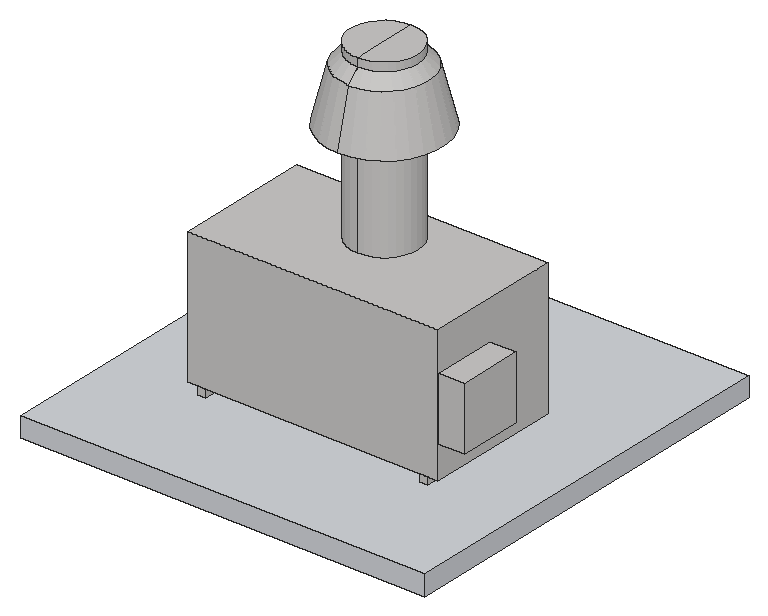
Revit family "DC_Rheem_PLM_Raypak_B1182ID", category Plumbing Fixtures, host Face, Revit 2017
Family settings
  Host = Face
  Round Connector Dimension = Use Radius
  Part Type = Normal
  Cut with Voids When Loaded = No
  Shared = No
  Room Calculation Point = No
Parameters (values of type "Raypak - Gas Water Heater- Indoor - 1186 MJ/h  Natural gas, modulating gas control")
  Width_ANZRS = 825 mm
  URL = "http://www.rheem.com.au/CommercialProducts"
  Type Comments = "Recovery 4558L/h @ 50°C rise\r\n"
  Materials_ANZRS = Raypak - Grey Powder Coated Steel
  PRV_ANZRS = 15 mm
  Model = "B1182NCM/ID\r\n"
  Manufacturer = "Raypak\r\n"
  HotWaterOutletRadius_ANZRS = 32.5 mm
  HotWaterOutletDiameter_ANZRS = HotWaterOutletRadius_ANZRS * 2  # 65 mm
  Height_ANZRS = 1915 mm
  GasInletRadius_ANZRS = 20 mm
  GasInletHeight_ANZRS = 410 mm
  GasInletDiameter_ANZRS = GasInletRadius_ANZRS * 2  # 40 mm
  DesignBy_ANZRS = "Design Content ©"
  Description = "Raypak - Gas Water Heater- Indoor - 1186 MJ/h  Natural gas, modulating gas control"
  Default Elevation = 0 mm
  ConnectionHeight_ANZRS = 755 mm
  ColdWaterInletRadius_ANZRS = 32.5 mm
  ColdWaterInletDiameter_ANZRS = ColdWaterInletRadius_ANZRS * 2  # 65 mm
  BoxHeight_ANZRS = 860 mm
  Author_ANZRS = "DM"
  Assembly Code = ""
Types (5, lengths in mm): name | URL | Type Comments | Model | HotWaterOutletRadius_ANZRS | HotWaterOutletDiameter_ANZRS | GasInletRadius_ANZRS | GasInletDiameter_ANZRS | Description
  (no name) | "http://www.rheem.com.au/downloads/PDF/Raypak_Mechanical_Heating_Brochure_July_09.pdf\r\n" | "Recovery 4128L/h @ 50°C rise\r\n" | "B1182PCO/ID\r\n" | 32.5 | 65 | 16 | 32 | "Raypak - Gas Water Heater- Indoor - 1090 MJ/h  Propane gas, On/Off gas control\r\n"
  Raypak - Gas Water Heater- Indoor - 1186 MJ/h  Natural gas, modulating gas control | "http://www.rheem.com.au/CommercialProducts" | "Recovery 4558L/h @ 50°C rise\r\n" | "B1182NCM/ID\r\n" | 32.5 | 65 | 20 | 40 | "Raypak - Gas Water Heater- Indoor - 1186 MJ/h  Natural gas, modulating gas control"
  Raypak - Gas Water Heater- Indoor - 1186 MJ/h  Natural gas, On/Off gas control | "http://www.rheem.com.au/CommercialProducts" | "Recovery 4558L/h @ 50°C rise\r\n" | "B1182NCO/ID\r\n" | 32.5 | 65 | 20 | 40 | "Raypak - Gas Water Heater- Indoor - 1186 MJ/h  Natural gas, On/Off gas control\r\n"
  Raypak - Gas Water Heater- Indoor - 1090 MJ/h  Propane gas, modulating gas control | "http://www.rheem.com.au/CommercialProducts" | "Recovery 4128L/h @ 50°C rise\r\n" | "B1182PCM/ID\r\n" | 32 | 64 | 10 | 20 | "Raypak - Gas Water Heater- Indoor - 1090 MJ/h  Propane gas, modulating gas control\r\n"
  Raypak - Gas Water Heater- Indoor - 1090 MJ/h  Propane gas, On/Off gas control | "http://www.rheem.com.au/CommercialProducts" | "Recovery 4128L/h @ 50°C rise\r\n" | "B1182PCO/ID\r\n" | 32.5 | 65 | 16 | 32 | "Raypak - Gas Water Heater- Indoor - 1090 MJ/h  Propane gas, On/Off gas control\r\n"
Reference planes
  plane 1 "Center (Front/Back)": y = 0
  plane 2: z = 0
  plane 3 "Center (Left/Right)": x = 0
  plane 4 "H1": z = 1915
  plane 5 "H5": z = 860
  plane 6 "CD 1": z = 755
  plane 7 "CD 6": z = 410
  plane 8 "W3": y = 285
  plane 9 "W4": y = -540
  plane 10 "CD 2": y = 200
  plane 11 "CD 3": y = 135
  plane 12 "CD 4": y = -145
  plane 13 "CD 5": y = -410
  plane 14 "W1": y = 202.5
  plane 15 "W2": y = -202.5
  plane 16: x = -755
  plane 17: x = 755
  plane 18: x = -805
  plane 19 "L1": x = -695
  plane 20 "L2": x = -645
  plane 21 "L3": x = 645
  plane 22 "L4": x = 695
  plane 23: z = 45
  plane 24 "H8": z = 245
  plane 25 "H7": z = 625
  plane 26: x = 915
  plane 27 "H4": z = 1464.364
  plane 28 "H3": z = 1794.164
  plane 29 "H2": z = 1866.464
  plane 30: y = -155
Forms (mm)
  Extrusion 1, solid
    sketch origin (0, 0, 0) x (1, 0, 0) y (0, 1, 0)
      loop
        line (-1219.2, 1219.2) -> (-1219.2, -1219.2) -> (1219.2, -1219.2) -> (1219.2, 1219.2) -> (-1219.2, 1219.2)
    from 0 to -120
  Extrusion 2, solid, material "Raypak - Grey Powder Coated Steel" <- "Materials_ANZRS"
    sketch origin (0, 0, 0) x (1, 0, 0) y (0, 1, 0)
      loop
        line (-755, 285) -> (-755, -540) -> (755, -540) -> (755, 285) -> (-755, 285)
    from 45 to 860
  Revolve 3, solid, material "Raypak - Grey Powder Coated Steel" <- "Materials_ANZRS"
    sketch origin (0, 0, 105) x (0, 1, 0) y (0, 0, 1)
      loop
        line (0, 1810) -> (-202.5, 1810) -> (-202.5, 1761.464) -> (-266.851, 1689.164) -> (-349.003, 1359.364) -> (-202.5, 1359.364) -> (-202.5, 755) -> (0, 755) -> (0, 1810)
      axis (0, 1810) -> (0, 755)
    angle from 0 to 360
  Extrusion 4, void
    sketch origin (0, 0, 0) x (0, 1, 0) y (0, 0, 1)
      loop
        circle (200, 755) r 15
      loop
        circle (135, 755) r 32.5
      loop
        circle (-145, 755) r 32.5
    from -755 to -740.149
  Extrusion 5, solid, material "Raypak - Grey Powder Coated Steel" <- "Materials_ANZRS"
    sketch origin (0, 0, 0) x (0, 1, 0) y (0, 0, 1)
      loop
        circle (-410, 410) r 20
    from -805 to -755
  Extrusion 6, solid, material "Raypak - Grey Powder Coated Steel" <- "Materials_ANZRS"
    sketch origin (0, 0, 0) x (1, 0, 0) y (0, 0, 1)
      loop
        line (-645, 0) -> (-645, 45) -> (-695, 45) -> (-695, 0) -> (-645, 0)
      loop
        line (695, 0) -> (695, 45) -> (645, 45) -> (645, 0) -> (695, 0)
    from -285 to 540
  Extrusion 7, solid, material "Raypak - Grey Powder Coated Steel" <- "Materials_ANZRS"
    sketch origin (0, 0, 0) x (1, 0, 0) y (0, 0, 1)
      loop
        line (755, 625) -> (755, 245) -> (915, 245) -> (915, 625) -> (755, 625)
    from 155 to 540
Cuts and joins
  Extrusion 4 cuts Extrusion 2
Lines and regions (mm)
  Masking region 1
    outline origin (0, 0, 0) x (1, 0, 0) y (0, 1, 0)
      loop
        line (-755, -540) -> (755, -540) -> (915, -540) -> (915, -155) -> (755, -155) -> (755, 285) -> (201.441, 285)
        arc (201.441, 285) -> (105.682, 332.618) -> (0, 349.003) r 349.003
        arc (0, 349.003) -> (-105.682, 332.618) -> (-201.441, 285) r 349.003
        line (-201.441, 285) -> (-755, 285) -> (-755, -540)
  Masking region 2
    outline origin (0, 0, 0) x (0, 1, 0) y (0, 0, 1)
      loop
        line (-202.5, 1915) -> (-202.5, 1866.464) -> (-266.851, 1794.164) -> (-349.079, 1464.364) -> (-202.5, 1464.364) -> (-202.5, 860) -> (-540, 860) -> (-540, 0) -> (285, 0) -> (285, 860) -> (202.5, 860) -> (202.5, 1464.364) -> (349.079, 1464.364) -> (266.851, 1794.164) -> (202.5, 1866.464) -> (202.5, 1915) -> (-202.5, 1915)
  Masking region 3
    outline origin (0, 0, 0) x (1, 0, 0) y (0, 0, 1)
      loop
        line (-202.5, 1915) -> (-202.5, 1866.464) -> (-266.851, 1794.164) -> (-349.079, 1464.364) -> (-202.039, 1464.364) -> (-202.039, 860) -> (-755, 860) -> (-755, 45) -> (-695, 45) -> (-695, 0) -> (-645, 0) -> (-645, 45) -> (645, 45) -> (645, 0) -> (695, 0) -> (695, 45) -> (755, 45) -> (755, 245) -> (915, 245) -> (915, 625) -> (755, 625) -> (755, 860) -> (204.539, 860) -> (204.539, 1464.364) -> (349.079, 1464.364) -> (266.851, 1794.164) -> (203.249, 1866.464) -> (203.249, 1915) -> (0, 1915) -> (-202.5, 1915)
  symbolic lines, style "Rheem Raypak", detail levels fine
    curve 1: line (0, 285, 0) -> (0, 285, 860)
    curve 2: line (0, 285, 860) -> (0, -540, 860)
    curve 3: line (0, -540, 860) -> (0, -540, 0)
    curve 4: line (0, -349.079, 1464.364) -> (0, 349.079, 1464.364)
    curve 5: line (0, -202.5, 1915) -> (0, 202.5, 1915)
    curve 6: line (0, 266.851, 1794.164) -> (0, -266.851, 1794.164)
    curve 7: line (0, 202.5, 1866.464) -> (0, -202.5, 1866.464)
    curve 8: arc (0, 102.5, 755) -> (0, 135, 722.5) -> (0, 167.5, 755) r 32.5
    curve 9: arc (0, 167.5, 755) -> (0, 135, 787.5) -> (0, 102.5, 755) r 32.5
    curve 10: arc (0, 185, 755) -> (0, 200, 740) -> (0, 215, 755) r 15
    curve 11: arc (0, 215, 755) -> (0, 200, 770) -> (0, 185, 755) r 15
    curve 12: arc (0, -177.5, 755) -> (0, -145, 722.5) -> (0, -112.5, 755) r 32.5
    curve 13: arc (0, -112.5, 755) -> (0, -145, 787.5) -> (0, -177.5, 755) r 32.5
    curve 14: arc (0, -390, 410) -> (0, -410, 390) -> (0, -430, 410) r 20
    curve 15: arc (0, -430, 410) -> (0, -410, 430) -> (0, -390, 410) r 20
    curve 16: line (0, 349.079, 1464.364) -> (0, 266.851, 1794.164)
    curve 17: line (0, -266.851, 1794.164) -> (0, -349.079, 1464.364)
    curve 18: line (0, 202.5, 1866.464) -> (0, 266.851, 1794.164)
    curve 19: line (0, -266.851, 1794.164) -> (0, -202.5, 1866.464)
    curve 20: line (0, -540, 45) -> (0, 285, 45)
    curve 21: line (0, -540, 0) -> (0, 285, 0)
    curve 22: line (-202.5, 0, 1915) -> (203.249, 0, 1915)
    curve 23: line (-202.5, 0, 1866.464) -> (203.249, 0, 1866.464)
    curve 24: line (-266.851, 0, 1794.164) -> (266.851, 0, 1794.164)
    curve 25: line (-349.079, 0, 1464.364) -> (349.079, 0, 1464.364)
    curve 26: line (755, 0, 860) -> (-755, 0, 860)
    curve 27: line (-755, 0, 45) -> (755, 0, 45)
    curve 28: line (645, 0, 0) -> (695, 0, 0)
    curve 29: line (-695, 0, 0) -> (-645, 0, 0)
    curve 30: line (915, 0, 625) -> (755, 0, 625)
    curve 31: line (755, 0, 245) -> (915, 0, 245)
    curve 32: line (915, 0, 245) -> (915, 0, 625)
    curve 33: line (204.539, 0, 1464.364) -> (204.539, 0, 860)
    curve 34: line (349.079, 0, 1464.364) -> (266.851, 0, 1794.164)
    curve 35: line (203.249, 0, 1915) -> (203.249, 0, 1866.464)
    curve 36: line (-202.5, 0, 1915) -> (-202.5, 0, 1866.464)
    curve 37: line (-349.079, 0, 1464.364) -> (-266.851, 0, 1794.164)
    curve 38: line (-202.039, 0, 1464.364) -> (-202.039, 0, 860)
    curve 39: line (-695, 0, 45) -> (-695, 0, 0)
    curve 40: line (-645, 0, 0) -> (-645, 0, 45)
    curve 41: line (695, 0, 0) -> (695, 0, 45)
    curve 42: line (645, 0, 45) -> (645, 0, 0)
    curve 43: line (-805, 0, 425) -> (-805, 0, 395)
    curve 44: line (-805, 0, 425) -> (-755, 0, 425)
    curve 45: line (-805, 0, 395) -> (-755, 0, 395)
    curve 46: arc (0, -349.003, 0) -> (349.003, 0, 0) -> (0, 349.003, 0) r 349.003
    curve 47: arc (0, 349.003, 0) -> (-349.003, 0, 0) -> (0, -349.003, 0) r 349.003
    curve 48: arc (0, -202.5, 0) -> (-202.5, 0, 0) -> (0, 202.5, 0) r 202.5
    curve 49: arc (0, -266.851, 0) -> (-266.851, 0, 0) -> (0, 266.851, 0) r 266.851
    curve 50: arc (0, 202.5, 0) -> (202.5, 0, 0) -> (0, -202.5, 0) r 202.5
    curve 51: arc (0, 266.851, 0) -> (266.851, 0, 0) -> (0, -266.851, 0) r 266.851
    curve 52: line (755, 285, 0) -> (201.441, 285, 0)
    curve 53: line (-755, 285, 0) -> (-755, -540, 0)
    curve 54: line (-755, -540, 0) -> (755, -540, 0)
    curve 55: line (755, -540, 0) -> (755, 285, 0)
    curve 56: line (915, -540, 0) -> (915, -155, 0)
    curve 57: line (915, -155, 0) -> (755, -155, 0)
    curve 58: line (755, -540, 0) -> (915, -540, 0)
    curve 59: line (-805, -395, 0) -> (-805, -425, 0)
    curve 60: line (-805, -395, 0) -> (-755, -395, 0)
    curve 61: line (-805, -425, 0) -> (-755, -425, 0)
    curve 62: line (0, 202.5, 1915) -> (0, 202.5, 1866.464)
    curve 63: line (0, -202.5, 1915) -> (0, -202.5, 1866.464)
    curve 64: line (0, 202.5, 1464.364) -> (0, 202.5, 860)
    curve 65: line (0, -202.5, 1464.364) -> (0, -202.5, 860)
    curve 66: line (-755, 0, 860) -> (-755, 0, 45)
    curve 67: line (755, 0, 45) -> (755, 0, 860)
    curve 68: line (-201.441, 285, 0) -> (-755, 285, 0)
  symbolic lines, style "Rheem Raypak"
    curve 69: line (-266.851, 0, 1794.164) -> (-202.5, 0, 1866.464)
    curve 70: line (203.249, 0, 1866.464) -> (266.851, 0, 1794.164)
Dimensions and locks
  "Height_ANZRS": plane 4 "H1" to level
  "BoxHeight_ANZRS": plane 5 "H5" to level
  "ConnectionHeight_ANZRS": plane 6 "CD 1" to Extrusion 1
  "GasInletHeight_ANZRS": plane 7 "CD 6" to level
  plane 8 "W3" to plane 9 "W4" = 825 mm
  plane 8 "W3" to plane 10 "CD 2" = 85 mm
  plane 8 "W3" to plane 11 "CD 3" = 150 mm
  plane 11 "CD 3" to plane 12 "CD 4" = 280 mm
  plane 13 "CD 5" to plane 9 "W4" = 130 mm
  plane 1 "Center (Front/Back)" to plane 9 "W4" = 540 mm
  locked: plane 18 to plane 16 at 50
  plane 19 "L1" to plane 16 = 60 mm
  locked: plane 20 "L2" to plane 19 "L1" at 50
  plane 17 to plane 22 "L4" = 60 mm
  locked: plane 22 "L4" to plane 21 "L3" at 50
  plane 23 to level = 45 mm
  plane 24 "H8" to level = 245 mm
  plane 25 "H7" to plane 24 "H8" = 380 mm
  locked: plane 17 to plane 26 at 160
  plane 4 "H1" to plane 29 "H2" to plane 28 "H3" to plane 27 "H4" = 48.536 mm locked, 72.3 mm locked, 329.8 mm locked
  equal spacing: plane 17, plane 3 "Center (Left/Right)", plane 16
  plane 17 to plane 16 = 1510 mm
  "GasInletRadius_ANZRS": radius of Extrusion 5 sketch curve
  "HotWaterOutletRadius_ANZRS": radius of Extrusion 4 sketch curve
  "ColdWaterInletRadius_ANZRS": radius of Extrusion 4 sketch curve
  "PRV_ANZRS": radius of Extrusion 4 sketch curve
  aligned and locked: plane 2 to Extrusion 1
  aligned and locked: level to Extrusion 1
  aligned and locked: plane 8 "W3" to Extrusion 2 sketch curve
  aligned and locked: plane 16 to Extrusion 2 sketch curve
  aligned and locked: plane 9 "W4" to Extrusion 2 sketch curve
  aligned and locked: plane 17 to Extrusion 2 sketch curve
  aligned and locked: plane 5 "H5" to Extrusion 2
  aligned and locked: Revolve 3 sketch curve to plane 1 "Center (Front/Back)"
  aligned and locked: plane 11 "CD 3" to Extrusion 4 sketch curve
  aligned and locked: plane 10 "CD 2" to Extrusion 4 sketch curve
  aligned and locked: plane 6 "CD 1" to Extrusion 4 sketch curve  (x3)
  aligned and locked: Extrusion 4 to plane 16
  aligned and locked: plane 7 "CD 6" to Extrusion 5 sketch curve
  aligned and locked: plane 13 "CD 5" to Extrusion 5 sketch curve
  aligned and locked: plane 16 to Extrusion 5
  aligned and locked: Extrusion 5 to plane 18
  aligned and locked: Extrusion 2 to plane 23
  aligned and locked: level to Extrusion 6 sketch curve  (x2)
  aligned and locked: Extrusion 6 sketch curve to plane 20 "L2"
  aligned and locked: Extrusion 6 sketch curve to plane 23  (x2)
  aligned and locked: plane 19 "L1" to Extrusion 6 sketch curve
  aligned and locked: Extrusion 6 sketch curve to plane 22 "L4"
  aligned and locked: plane 21 "L3" to Extrusion 6 sketch curve
  aligned and locked: Extrusion 6 to plane 8 "W3"
  aligned and locked: Extrusion 6 to plane 9 "W4"
  aligned and locked: Extrusion 7 sketch curve to plane 25 "H7"
  aligned and locked: Extrusion 7 sketch curve to plane 26
  aligned and locked: Extrusion 7 sketch curve to plane 24 "H8"
  aligned and locked: cut or joined group of Extrusion 2, Extrusion 4 to Extrusion 7 sketch curve
  aligned and locked: Extrusion 7 to plane 9 "W4"
  aligned and locked: plane 12 "CD 4" to Extrusion 4 sketch curve
  aligned and locked: Revolve 3 sketch curve to plane 4 "H1"
  aligned and locked: plane 5 "H5" to Revolve 3 sketch curve
  aligned and locked: plane 27 "H4" to Revolve 3 sketch curve
  aligned and locked: plane 29 "H2" to Revolve 3 sketch curve
  aligned and locked: curve 1 to cut or joined group of Extrusion 2, Extrusion 4
  aligned and locked: curve 2 to cut or joined group of Extrusion 2, Extrusion 4
  aligned and locked: curve 3 to cut or joined group of Extrusion 2, Extrusion 4
  aligned and locked: curve 4 to Revolve 3
  aligned and locked: Revolve 3 to curve 5
  aligned and locked: curve 6 to Revolve 3
  aligned and locked: Revolve 3 to curve 7
  aligned and locked: curve 8 to cut or joined group of Extrusion 2, Extrusion 4
  aligned and locked: curve 9 to cut or joined group of Extrusion 2, Extrusion 4
  aligned and locked: curve 10 to cut or joined group of Extrusion 2, Extrusion 4
  aligned and locked: curve 11 to cut or joined group of Extrusion 2, Extrusion 4
  aligned and locked: curve 12 to cut or joined group of Extrusion 2, Extrusion 4
  aligned and locked: curve 13 to cut or joined group of Extrusion 2, Extrusion 4
  aligned and locked: curve 14 to Extrusion 5
  aligned and locked: curve 15 to Extrusion 5
  aligned: Revolve 3 to curve 17
  aligned and locked: Revolve 3 to curve 19
  aligned and locked: curve 20 to cut or joined group of Extrusion 2, Extrusion 4
  aligned and locked: curve 21 to Extrusion 6
  aligned and locked: curve 22 to Revolve 3
  aligned and locked: curve 23 to plane 29 "H2"
  aligned and locked: curve 24 to plane 28 "H3"
  aligned and locked: curve 25 to Revolve 3
  aligned and locked: curve 26 to cut or joined group of Extrusion 2, Extrusion 4
  aligned and locked: curve 27 to cut or joined group of Extrusion 2, Extrusion 4
  aligned and locked: curve 28 to Extrusion 6
  aligned and locked: curve 29 to Extrusion 6
  aligned and locked: curve 30 to Extrusion 7
  aligned and locked: curve 31 to Extrusion 7
  aligned and locked: curve 32 to Extrusion 7
  aligned and locked: plane 5 "H5" to curve 38
  aligned and locked: plane 27 "H4" to curve 38
  aligned and locked: curve 39 to Extrusion 6
  aligned and locked: curve 40 to Extrusion 6
  aligned and locked: curve 41 to Extrusion 6
  aligned and locked: curve 42 to Extrusion 6
  aligned and locked: Extrusion 5 to curve 43
  aligned and locked: curve 46 to Revolve 3
  aligned and locked: curve 47 to Revolve 3
  aligned and locked: curve 48 to Revolve 3
  aligned and locked: curve 49 to Revolve 3
  aligned and locked: curve 50 to Revolve 3
  aligned and locked: curve 51 to Revolve 3
  aligned and locked: curve 52 to cut or joined group of Extrusion 2, Extrusion 4
  aligned and locked: curve 53 to cut or joined group of Extrusion 2, Extrusion 4
  aligned and locked: curve 54 to cut or joined group of Extrusion 2, Extrusion 4
  aligned and locked: curve 55 to cut or joined group of Extrusion 2, Extrusion 4
  aligned and locked: curve 56 to Extrusion 7
  aligned and locked: curve 57 to Extrusion 7
  aligned and locked: curve 58 to Extrusion 7
  aligned and locked: Extrusion 5 to curve 59
  aligned: curve 62 to Revolve 3
  aligned: curve 63 to Revolve 3
  aligned and locked: plane 14 "W1" to curve 64
  aligned and locked: curve 65 to plane 15 "W2"
  aligned and locked: Masking region 1 sketch curve to curve 54
  aligned and locked: Masking region 1 sketch curve to curve 58
  aligned and locked: Masking region 1 sketch curve to curve 56
  aligned and locked: Masking region 1 sketch curve to curve 57
  aligned and locked: curve 55 to Masking region 1 sketch curve
  aligned and locked: Masking region 1 sketch curve to curve 52
  aligned and locked: Masking region 1 sketch curve to curve 47
  aligned and locked: Masking region 1 sketch curve to curve 46
  aligned and locked: Masking region 1 sketch curve to curve 68
  aligned and locked: Masking region 1 sketch curve to curve 53
  aligned and locked: plane 28 "H3" to Revolve 3 sketch curve
  aligned and locked: plane 15 "W2" to Revolve 3 sketch curve
  aligned and locked: Masking region 2 sketch curve to curve 5
  aligned and locked: Masking region 2 sketch curve to curve 62
  aligned and locked: Masking region 2 sketch curve to curve 18
  aligned and locked: Masking region 2 sketch curve to curve 16
  aligned and locked: Masking region 2 sketch curve to curve 4
  aligned and locked: Masking region 2 sketch curve to curve 17
  aligned and locked: Masking region 2 sketch curve to curve 19
  aligned and locked: Masking region 2 sketch curve to curve 63
  aligned and locked: Masking region 2 sketch curve to curve 64
  aligned and locked: Masking region 2 sketch curve to curve 65
  aligned and locked: Masking region 2 sketch curve to curve 1
  aligned and locked: Masking region 2 sketch curve to curve 2
  aligned and locked: Masking region 2 sketch curve to curve 3
  aligned and locked: Masking region 2 sketch curve to curve 21
  aligned and locked: Masking region 3 sketch curve to Revolve 3  (x3)
  aligned and locked: Masking region 3 sketch curve to curve 36
  aligned and locked: Masking region 3 sketch curve to curve 69
  aligned and locked: Masking region 3 sketch curve to curve 37
  aligned and locked: Masking region 3 sketch curve to curve 38
  aligned and locked: Masking region 3 sketch curve to cut or joined group of Extrusion 2, Extrusion 4  (x4)
  aligned and locked: Masking region 3 sketch curve to Extrusion 6  (x6)
  aligned and locked: Masking region 3 sketch curve to Extrusion 7  (x3)
  aligned and locked: Masking region 3 sketch curve to curve 33
  aligned and locked: Revolve 3 to Masking region 3 sketch curve
  aligned and locked: Masking region 3 sketch curve to curve 34
  aligned and locked: Masking region 3 sketch curve to curve 70
  aligned and locked: Masking region 3 sketch curve to curve 35
Automatic sketch dimensions
  Extrusion 1 sketch curve to Extrusion 1 sketch curve = 2438.4 mm  (x2)
  Masking region 1 sketch curve to plane 17 = 0 mm
  Revolve 3 sketch curve to plane 1 "Center (Front/Back)" = 0 mm
  Revolve 3 sketch curve to plane 13 "CD 5" = 60.997 mm
  Revolve 3 sketch curve to Revolve 3 sketch curve = 310 mm
  Revolve 3 sketch curve to Revolve 3 sketch curve = 130 mm
  Revolve 3 sketch curve to plane 15 "W2" = 0 mm
  Revolve 3 sketch curve to plane 15 "W2" = 64.351 mm
  curve 20 to plane 9 "W4" = 0 mm
  curve 17 to plane 27 "H4" = 0 mm
  curve 7 to plane 15 "W2" = 0 mm
  curve 18 to plane 14 "W1" = 0 mm
  curve 16 to plane 28 "H3" = 0 mm
  curve 1 to level = 0 mm
  curve 1 to plane 8 "W3" = 0 mm
  curve 65 to plane 5 "H5" = 0 mm
  curve 19 to plane 29 "H2" = 0 mm
  curve 5 to plane 4 "H1" = 0 mm
  curve 17 to plane 13 "CD 5" = 60.921 mm
  curve 6 to plane 15 "W2" = 64.351 mm
  plane 8 "W3" to curve 16 = 18.149 mm
  curve 4 to plane 8 "W3" = 64.079 mm
  Masking region 2 sketch curve to plane 27 "H4" = 0 mm
  Masking region 2 sketch curve to plane 5 "H5" = 0 mm
  Masking region 3 sketch curve to plane 3 "Center (Left/Right)" = 0 mm
  Masking region 3 sketch curve to plane 29 "H2" = 0 mm
  Masking region 3 sketch curve to plane 27 "H4" = 0 mm
  Masking region 3 sketch curve to plane 5 "H5" = 0 mm
  plane 17 to Masking region 3 sketch curve = 0 mm
  Masking region 3 sketch curve to plane 23 = 0 mm  (x2)
  curve 43 to plane 18 = 0 mm
  curve 27 to plane 16 = 0 mm
  curve 39 to plane 19 "L1" = 0 mm
  curve 40 to level = 0 mm
  curve 40 to plane 20 "L2" = 0 mm
  curve 22 to plane 4 "H1" = 0 mm
  curve 42 to plane 21 "L3" = 0 mm
  curve 28 to level = 0 mm
  curve 28 to plane 22 "L4" = 0 mm
  plane 17 to curve 27 = 0 mm
  curve 32 to plane 25 "H7" = 0 mm
  curve 32 to plane 26 = 0 mm
  curve 42 to plane 23 = 0 mm
  curve 31 to plane 24 "H8" = 0 mm
  plane 20 "L2" to curve 25 = 295.921 mm
  curve 69 to plane 3 "Center (Left/Right)" = 266.851 mm
  curve 24 to curve 69 = 64.351 mm
  curve 38 to plane 3 "Center (Left/Right)" = 202.039 mm
  plane 3 "Center (Left/Right)" to curve 70 = 203.249 mm
  plane 3 "Center (Left/Right)" to curve 33 = 204.539 mm
  curve 23 to curve 34 = 63.602 mm
  curve 33 to curve 34 = 144.539 mm
  curve 45 to plane 7 "CD 6" = 15 mm
  plane 7 "CD 6" to curve 44 = 15 mm
  curve 59 to plane 18 = 0 mm
  curve 60 to plane 16 = 0 mm
  plane 8 "W3" to curve 68 = 0 mm
  plane 8 "W3" to curve 52 = 0 mm
  curve 52 to plane 17 = 0 mm
  curve 57 to plane 26 = 0 mm
  curve 54 to plane 9 "W4" = 0 mm
  curve 57 to plane 30 = 0 mm
  plane 13 "CD 5" to curve 61 = 15 mm
  curve 59 to plane 13 "CD 5" = 15 mm
Connectors
  piping at (-755, -145, 755), diameter 65, driven by "ColdWaterInletRadius_ANZRS"
    settings: on cut or joined group of Extrusion 2, Extrusion 4, index 1, connector inside diameter 2.55906", connector length 0 mm, flow factor 0, pipe flow 0 GPM, pressure drop 0.00 psi, fitting loss kfactor 0, connector angle 0.00°, fixture units 0, engagement length 0 mm, angle of deflection 0.00°, flow configuration 1, flow direction 1, fitting loss method 0, system type 20, joint type 0, gender type 0, connector reference index -1, connector utility 0, adjustable connector no, is connector primary yes, connector description ""
  piping at (-755, 135, 755), diameter 65, driven by "HotWaterOutletRadius_ANZRS"
    settings: on cut or joined group of Extrusion 2, Extrusion 4, index 2, connector inside diameter 2.55906", connector length 0 mm, flow factor 0, pipe flow 0 GPM, pressure drop 0.00 psi, fitting loss kfactor 0, connector angle 0.00°, fixture units 0, engagement length 0 mm, angle of deflection 0.00°, flow configuration 1, flow direction 2, fitting loss method 0, system type 19, joint type 0, gender type 0, connector reference index -1, connector utility 0, adjustable connector no, is connector primary no, connector description ""
  piping at (-805, -410, 410), diameter 40, driven by "GasInletRadius_ANZRS"
    settings: on Extrusion 5, index 3, connector inside diameter 1.25984", connector length 0 mm, flow factor 0, pipe flow 0 GPM, pressure drop 0.00 psi, fitting loss kfactor 0, connector angle 0.00°, fixture units 0, engagement length 0 mm, angle of deflection 0.00°, flow configuration 1, flow direction 1, fitting loss method 0, system type 22, joint type 0, gender type 0, connector reference index -1, connector utility 0, adjustable connector no, is connector primary no, connector description "Gas"
  piping at (-755, 200, 755), diameter 30
    settings: on cut or joined group of Extrusion 2, Extrusion 4, index 4, connector inside diameter 1.1811", connector length 0 mm, flow factor 0, pipe flow 0 GPM, pressure drop 0.00 psi, fitting loss kfactor 0, connector angle 0.00°, fixture units 0, engagement length 0 mm, angle of deflection 0.00°, flow configuration 1, flow direction 2, fitting loss method 0, system type 22, joint type 0, gender type 0, connector reference index -1, connector utility 0, adjustable connector no, is connector primary no, connector description "PRV"
